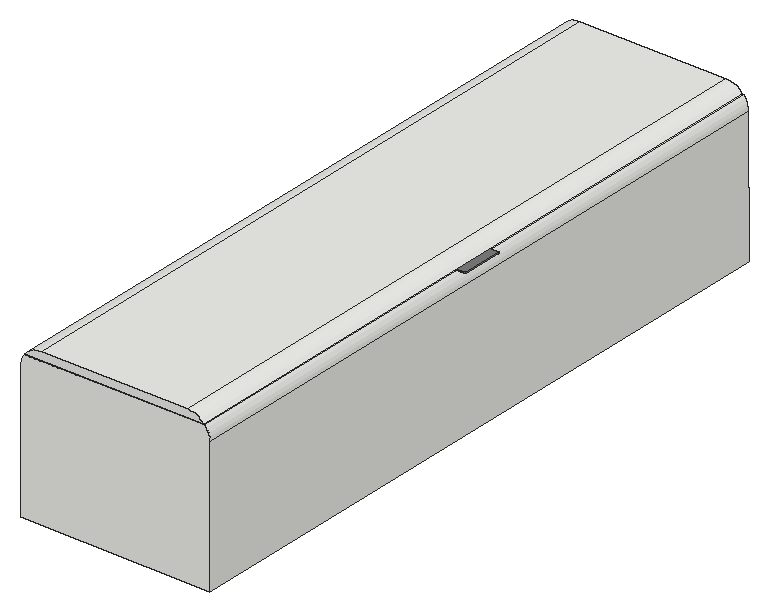
Revit family "TallUnit-45cm-SingleCover-Left-Vitra-NestTrendySeries-56427+56186+56187+56188", category Furniture, host Face, Revit 2017
Family settings
  Host = Face
  OmniClass Number = 23.40.20.00
  OmniClass Title = General Furniture and Specialties
  Cut with Voids When Loaded = No
  Shared = Yes
  Room Calculation Point = No
Parameters (values of type "TallUnit-45cm-SingleCover-Left-Vitra-NestTrendySeries-56427")
  Youtube = "https://www.youtube.com/user/VitrAglobal"
  Weight Net (kg) = ""
  Warranty Period (Year) = "2"
  Uniformat II Description = "Fixed Furnishings"
  Uniformat II Code = "E2010"
  Uniclass 2015 Name = "Bathroom Cabinets"
  Uniclass 2015 Code = "Pr_40_30_78_03"
  Uniclass 2.0 Description = "Bathroom Cabinets"
  Uniclass 2.0 Code = "PR-35-75-08"
  Uniclass 1.4 Description = "Bathroom Cabinets"
  Uniclass 1.4 Code = "L8241"
  URL = "https://vitraglobal.com/"
  UNSPSC Description = "Bathroom Cabinets"
  UNSPSC Code = "30161801"
  Technical description = "https://www.vitraglobal.com/pdf/56427/"
  Tap hole Options (default) = ""
  Specification = ""
  Secondary Material = Metal
  Region South America = "All"
  Region Oceania = "All"
  Region North America = "All"
  Region Middle East = "All"
  Region Europe = "All"
  Region Asia = "All"
  Region Antarctica = "All"
  Region Africa = "All"
  Product url = "https://www.vitraglobal.com/bathroom-furniture/tall-units/standard-tall-units/nest-tall-unit-sku-56427/"
  Product manual = ""
  Product group = "Bathroom Furniture"
  Product family = "Nest Trendy"
  Product data url = "https://www.bimobject.com/vitra-bathrooms/product/56427-56186-56187-56188"
  Product certification = "https://www.vitraglobal.com/brochures/"
  Product SKU = "56427"
  Product Guid = ""
  Primary Material = High Gloss White
  OmniClass Description = "Bathroom Cabinets"
  OmniClass Code = "23-31 25 13"
  Nominal Width (mm) = 460 mm
  Nominal Height (mm) = 1600 mm
  Nominal Depth (mm) = 370 mm
  NBS Referans Description = "Bathroom Cabinets"
  NBS Referans Code = "35-75-08"
  Mounting type = "Wall-Hung"
  Model = "56427"
  Masterformat 2014 Description = "Bathroom Casework"
  Masterformat 2014 Code = "12 35 30.23"
  Manufacturer name = "VitrA"
  Manufacturer = "Vitra"
  Main Material = "Wood"
  Installation instructions = ""
  IFC Classification = "Furniture"
  EAN code = ""
  Design country = "Turkey"
  Description = "Nest Trendy Tall Unit"
  Default Elevation = 660 mm
  Color = "High Gloss White"
  COBIe Type Category = ""
  Brand = "VitrA"
  BIMobject category = "Storage"
  Article No. (default) = "56427"
  Accessories (default) = ""
Types (4, lengths in mm): name | Technical description | Product url | Product data url | Product SKU | Primary Material | Model | Color | Article No. (default)
  TallUnit-45cm-SingleCover-Left-Vitra-NestTrendySeries-56427 | "https://www.vitraglobal.com/pdf/56427/" | "https://www.vitraglobal.com/bathroom-furniture/tall-units/standard-tall-units/nest-tall-unit-sku-56427/" | "https://www.bimobject.com/vitra-bathrooms/product/56427-56186-56187-56188" | "56427" | High Gloss White | "56427" | "High Gloss White" | "56427"
  TallUnit-45cm-SingleCover-Left-Vitra-NestTrendySeries-56186 | "https://www.vitraglobal.com/pdf/56186/" | "https://www.vitraglobal.com/bathroom-furniture/tall-units/standard-tall-units/nest-tall-unit-sku-56186/" | "" | "56186" | High Gloss Anthracite | "56186" | "High Gloss Anthracite" | "56186"
  TallUnit-45cm-SingleCover-Left-Vitra-NestTrendySeries-56187 | "https://www.vitraglobal.com/pdf/56187/" | "https://www.vitraglobal.com/bathroom-furniture/tall-units/standard-tall-units/nest-tall-unit-sku-56187/" | "" | "56187" | Waved Natural Wood | "56187" | "Waved Natural Wood" | "56187"
  TallUnit-45cm-SingleCover-Left-Vitra-NestTrendySeries-56188 | "https://www.vitraglobal.com/pdf/56188/" | "https://www.vitraglobal.com/bathroom-furniture/tall-units/standard-tall-units/nest-tall-unit-sku-56188/" | "" | "56188" | Grey Natural Wood | "56188" | "Grey Natural Wood" | "56188"
Reference planes
  plane 1 "Center (Front/Back)": y = 0
  plane 2: z = 0
  plane 3 "Center (Left/Right)": x = 0
  plane 4: y = -1160
  plane 5: y = -800
  plane 6: y = 800
  plane 7: x = 236
  plane 8: x = -224
  plane 9: z = 370
Forms (mm)
  Extrusion 1, solid, material "High Gloss White" <- "Primary Material", detail levels fine
    sketch origin (0, 0, 0) x (1, 0, 0) y (0, 0, 1)
      loop
        line (-224, 318.003) -> (-224, 0) -> (226, 0) -> (226, 318.003)
        arc (226, 318.003) -> (223.016, 335.017) -> (214.421, 350) r 50
        line (214.421, 350) -> (-212.421, 350)
        arc (-212.421, 350) -> (-221.016, 335.017) -> (-224, 318.003) r 50
    from -800 to 800
  Extrusion 2, solid, material "High Gloss White" <- "Primary Material", detail levels fine
    sketch origin (0, 0, 0) x (1, 0, 0) y (0, 0, 1)
      loop
        line (173.16, 370) -> (-174.002, 370)
        arc (-174.002, 370) -> (-195.215, 365.277) -> (-212.421, 352) r 50
        line (-212.421, 352) -> (211.579, 352)
        arc (211.579, 352) -> (194.373, 365.277) -> (173.16, 370) r 50
    from -800 to 800
  Extrusion 3, solid, material "Metal" <- "Secondary Material", detail levels fine
    sketch origin (0, 0, 0) x (1, 0, 0) y (0, 1, 0)
      loop
        line (234.579, -46) -> (234.579, 46)
        arc (234.579, 46) -> (233.407, 48.828) -> (230.579, 50) r 4
        line (230.579, 50) -> (178.579, 50)
        arc (178.579, 50) -> (175.751, 48.828) -> (174.579, 46) r 4
        line (174.579, 46) -> (174.579, -46)
        arc (174.579, -46) -> (175.751, -48.828) -> (178.579, -50) r 4
        line (178.579, -50) -> (230.579, -50)
        arc (230.579, -50) -> (233.407, -48.828) -> (234.579, -46) r 4
    from 350 to 352
  Extrusion 4, solid, detail levels medium
    sketch origin (0, 0, 0) x (1, 0, 0) y (0, 0, 1)
      loop
        line (176, 370) -> (-174, 370)
        arc (-174, 370) -> (-209.355, 355.355) -> (-224, 320) r 50
        line (-224, 320) -> (-224, 0) -> (226, 0) -> (226, 320)
        arc (226, 320) -> (211.355, 355.355) -> (176, 370) r 50
    from -800 to 800
  Extrusion 5, solid, detail levels coarse
    sketch origin (0, 0, 0) x (1, 0, 0) y (0, 1, 0)
      loop
        line (236, 800) -> (-224, 800) -> (-224, -800) -> (236, -800) -> (236, 800)
    from 0 to 370
  Extrusion 6, void
    sketch origin (0, 0, 0) x (1, 0, 0) y (0, 0, 1)
      loop
        arc (211.579, 352) -> (87.392, 651.813) -> (-212.421, 776) r 424
        line (-212.421, 776) -> (-212.421, 352) -> (211.579, 352)
    from -800 to 800
Dimensions and locks
  plane 5 to plane 4 = 360 mm
  "Nominal Width (mm)": plane 8 to plane 7
  "Nominal Height (mm)": plane 6 to plane 5
  "Nominal Depth (mm)": plane 9 to level
  aligned and locked: plane 2 to host face
  aligned and locked: level to host face
Automatic sketch dimensions
  host sketch curve to host sketch curve = 2438.4 mm
  host sketch curve to host sketch curve = 2743.2 mm
  Extrusion 1 sketch curve to level = 0 mm
  plane 8 to Extrusion 1 sketch curve = 0 mm
  Extrusion 1 sketch curve to plane 8 = 11.579 mm
  Extrusion 1 sketch curve to Extrusion 1 sketch curve = 38.421 mm
  plane 7 to Extrusion 1 sketch curve = 60 mm
  plane 7 to Extrusion 1 sketch curve = 21.579 mm
  plane 7 to Extrusion 1 sketch curve = 10 mm
  Extrusion 1 sketch curve to plane 9 = 51.997 mm
  Extrusion 2 sketch curve to plane 9 = 0 mm
  Extrusion 2 sketch curve to plane 8 = 11.579 mm
  Extrusion 2 sketch curve to plane 8 = 49.998 mm
  plane 7 to Extrusion 2 sketch curve = 62.84 mm
  plane 7 to Extrusion 2 sketch curve = 24.421 mm
  Extrusion 2 sketch curve to plane 9 = 18 mm
  plane 7 to Extrusion 3 sketch curve = 61.421 mm
  Extrusion 3 sketch curve to Extrusion 3 sketch curve = 4 mm  (x2)
  plane 7 to Extrusion 3 sketch curve = 5.421 mm  (x2)
  plane 7 to Extrusion 3 sketch curve = 1.421 mm
  plane 1 "Center (Front/Back)" to Extrusion 3 sketch curve = 50 mm
  Extrusion 3 sketch curve to plane 1 "Center (Front/Back)" = 46 mm
  Extrusion 4 sketch curve to level = 0 mm
  plane 8 to Extrusion 4 sketch curve = 0 mm
  Extrusion 4 sketch curve to plane 9 = 0 mm
  Extrusion 4 sketch curve to plane 8 = 50 mm
  plane 7 to Extrusion 4 sketch curve = 60 mm
  plane 7 to Extrusion 4 sketch curve = 10 mm
  Extrusion 5 sketch curve to plane 6 = 0 mm
  Extrusion 5 sketch curve to plane 8 = 0 mm
  Extrusion 5 sketch curve to plane 5 = 0 mm
  Extrusion 5 sketch curve to plane 7 = 0 mm
  Extrusion 6 sketch curve to plane 8 = 11.579 mm
  Extrusion 6 sketch curve to plane 9 = 18 mm
  plane 7 to Extrusion 6 sketch curve = 24.421 mm
